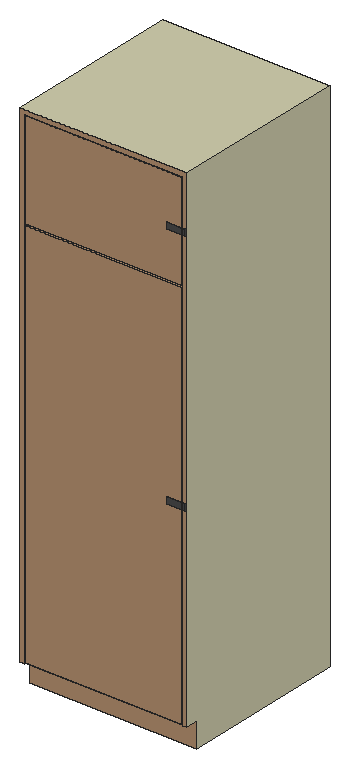
Revit family "Cabinet_Wenger_UltraStor_31", category Furniture, Revit 2015
Parameters (values of type "UltraStor Cabinet #31 - Comp Wood Doors")
  URL = "https://www.wengercorp.com/"
  Type Comments = ""
  Specification = "http://www.arcat.com/sdspecs/htm04/12_35_83wen.htm"
  Shelf Thickness = 0' - 1 1/8"
  Sales Information = "https://www.wengercorp.com/contact-us.php"
  Revision = "R1_2018-04"
  Rear Panel Thickness = 0' - 0 3/4"
  Product Data = "http://www.arcat.com/arcatcos/cos36/arc36487.html"
  Manufacturer Website = "https://www.wengercorp.com/"
  Manufacturer Phone - Toll Free = "800-4WENGER"
  Manufacturer Phone = "(507) 455-4100"
  Manufacturer Fax = "(507) 455-4258"
  Manufacturer Address = "555 Park Dr., Owatonna, MN 55060"
  Keynote = "12 35 83"
  HasDoors = yes
  Green Building-LEED = "http://www.arcat.com/green/clients/leed_data_36487.html"
  Drawn By = "Sumex Design, Inc. / Robert S. Weygant, CSI, CDT, SCIP"
  Door Width = (Cabinet Width - 0' 2 1/4") / 2  # 1' - 0 5/8"
  Door Style = Door_FullHt : Solid Door
  Door Material [instance] = Wenger Cherry (Use Cherry Edge Band Only)
  Door Height = (Cabinet Height - 0' 4 3/4") / 5  # 1' - 4.175"
  Toe Kick Material [instance] = Wenger Cherry (Use Cherry Edge Band Only)
  RH End Panel [instance] = no
  Model = "#31"
  Manufacturer = "Wenger Corporation"
  LH End Panel [instance] = no
  End Panel Material [instance] = Wenger Cherry (Use Cherry Edge Band Only)
  Edge Banding Material [instance] = Wenger Cherry (Use Cherry Edge Band Only)
  Cost = 0
  Copyright = "© 2018 Arcat Inc."
  Construction Details = "http://www.arcat.com/details/wengerco/wengerco.html?coid=36487"
  Body Material [instance] = Wenger - Oyster
  Description = "Wenger UltraStor Cabinet #31 - Comp Wood Doors"
  Cabinet Width = 2' - 3 1/2"
  Cabinet Height = 7' - 1 5/8"
  Installed Depth = 2' - 5 1/4"
  Cabinet Panel Thickness = 0' - 0 3/4"
  Assembly Code = "E2010200"
Types (4): name | HasDoors | Door Style | Door Material | Description
  UltraStor Cabinet #31 - Comp Waterfall Grille Doors | yes | Door_FullHt : Waterfall | Painted Black | "Wenger UltraStor Cabinet #31 - Comp Waterfall Grille Doors"
  UltraStor Cabinet #31 - Comp Grille Doors | yes | Door_FullHt : Bars | Painted Black | "Wenger UltraStor Cabinet #31 - Comp Grille Doors"
  UltraStor Cabinet #31 - No Doors | no | Door_FullHt : Solid Door | none | "Wenger UltraStor Cabinet #31 - No Doors"
  UltraStor Cabinet #31 - Comp Wood Doors | yes | Door_FullHt : Solid Door | Wenger Cherry (Use Cherry Edge Band Only) | "Wenger UltraStor Cabinet #31 - Comp Wood Doors"
Reference planes (in)
  plane 1 "Front": y = 0
  plane 2: z = 0
  plane 3 "Left": x = 0
  plane 4 "Right": x = 27.5
  plane 5 "Back": y = 29.25
  plane 6 "Top": z = 85.625
  plane 7: z = 4
  plane 8: z = 68.7
  plane 9: x = 0.75
  plane 10: x = 26.75
  plane 11: z = 84.875
  plane 12: x = 13.75
  plane 13: y = 28.5
  plane 14: y = 2
  plane 15: y = 0.75
  plane 16: z = 69.825
  plane 17: z = 5.125
Forms (in)
  Extrusion 1, solid, material "Wenger - Oyster" <- "Body Material"
    sketch origin (0, 0, 0) x (0, 1, 0) y (0, 0, 1)
      loop
        line (0, 85.625) -> (0, 4) -> (2, 4) -> (2, 0) -> (29.25, 0) -> (29.25, 85.625) -> (0, 85.625)
    from 0 to 27.5
  Extrusion 2, void
    sketch origin (0, 0, 0) x (0, 1, 0) y (0, 0, 1)
      loop
        line (-5.5, 84.875) -> (-5.5, 68.7) -> (0.75, 68.7)
        arc (0.75, 68.7) -> (1.18296, 69.47588) -> (2, 69.825) r 1.375
        line (2, 69.825) -> (28.5, 69.825) -> (28.5, 84.875) -> (-5.5, 84.875)
    from 0.75 to 26.75
  Extrusion 3, void
    sketch origin (0, 0, 0) x (0, 1, 0) y (0, 0, 1)
      loop
        line (0, 84.875) -> (0, 4) -> (0.0625, 4) -> (0.0625, 84.875) -> (0, 84.875)
    from 0.75 to 26.75
  Extrusion 4, void
    sketch origin (0, 0, 0) x (1, 0, 0) y (0, 0, 1)
      loop
        line (0.75, 68.7) -> (0.75, 5.125) -> (26.75, 5.125) -> (26.75, 68.7) -> (0.75, 68.7)
    from -28.5 to 0
  Extrusion 5, solid, material "Metal_Black", detail levels fine
    sketch origin (0, 0, 0) x (0, 1, 0) y (0, 0, 1)
      loop
        line (14.09046, 66.01016) -> (14.09046, 67.26016) -> (13.46546, 67.26016) -> (13.24646, 66.88084) -> (13.31074, 66.84373) -> (13.50831, 67.18594) -> (14.01624, 67.18594) -> (14.01624, 66.01016) -> (14.09046, 66.01016)
    from 0.75 to 26.75
Cuts and joins
  Extrusion 2, Extrusion 3, Extrusion 4 cuts Extrusion 1
Lines and regions (in)
  Masking region 1
    outline origin (0, 0, 0) x (1, 0, 0) y (0, 1, 0)
      loop
        line (0, 29.25) -> (0, 0) -> (27.5, 0) -> (27.5, 29.25) -> (0, 29.25)
Dimensions and locks (in)
  "Cabinet Panel Thickness": plane 3 "Left" to plane 9
  "Cabinet Panel Thickness": plane 10 to plane 4 "Right"
  "Cabinet Panel Thickness": plane 5 "Back" to plane 13
  locked: plane 1 "Front" to plane 15 at 0.75
  locked: plane 1 "Front" to plane 14 at 2
  "Shelf Thickness": plane 16 to plane 8
  "Cabinet Panel Thickness": plane 6 "Top" to plane 11
  "Shelf Thickness": plane 17 to plane 7
  "Cabinet Width": plane 3 "Left" to plane 4 "Right"
  locked: plane 7 to level at 4
  "Cabinet Height": plane 6 "Top" to level
  "Installed Depth": plane 1 "Front" to plane 5 "Back"
  plane 3 "Left" to plane 4 "Right" = 2' - 3 1/2"
  equal spacing: plane 5 "Back", nested 2, plane 1 "Front"
  plane 12 to nested 2 = 0' - 0"
  equal spacing: plane 4 "Right", plane 12, plane 3 "Left"
  "Door Height": plane 11 to plane 8
  aligned and locked: Extrusion 1 sketch curve to plane 6 "Top"
  aligned and locked: Extrusion 1 sketch curve to plane 5 "Back"
  aligned and locked: Extrusion 1 sketch curve to plane 1 "Front"
  aligned and locked: Extrusion 1 sketch curve to plane 7
  aligned and locked: Extrusion 1 sketch curve to plane 14
  aligned and locked: Extrusion 1 sketch curve to level
  aligned and locked: Extrusion 1 to plane 4 "Right"
  aligned and locked: Extrusion 1 to plane 3 "Left"
  aligned and locked: Extrusion 2 sketch curve to plane 11
  aligned and locked: Extrusion 2 sketch curve to plane 13
  aligned and locked: Extrusion 2 sketch curve to plane 8
  aligned and locked: Extrusion 2 sketch curve to plane 16
  aligned and locked: Extrusion 2 to plane 9
  aligned and locked: Extrusion 3 sketch curve to cut or joined group of Extrusion 1, Extrusion 2, Extrusion 3, Extrusion 4  (x2)
  aligned and locked: Extrusion 3 to plane 10
  aligned and locked: Extrusion 3 to plane 9
  aligned and locked: nested 3 to plane 9
  aligned and locked: nested 3 to plane 8
  aligned and locked: plane 8 to cut or joined group of Extrusion 1, Extrusion 2, Extrusion 3, Extrusion 4
  aligned and locked: nested 4 to plane 9
  aligned and locked: plane 7 to cut or joined group of Extrusion 1, Extrusion 2, Extrusion 3, Extrusion 4
  aligned and locked: nested 4 to plane 7
  aligned and locked: plane 1 "Front" to nested 5
  aligned and locked: nested 5 to level
  aligned and locked: nested 5 to plane 4 "Right"
  aligned and locked: Masking region 1 sketch curve to plane 5 "Back"
  aligned and locked: Masking region 1 sketch curve to plane 1 "Front"
  aligned and locked: plane 3 "Left" to Masking region 1 sketch curve
  aligned and locked: plane 4 "Right" to Masking region 1 sketch curve
  aligned and locked: nested 4 to plane 10
  aligned and locked: plane 13 to Extrusion 4
  aligned and locked: plane 1 "Front" to Extrusion 4
  aligned and locked: Extrusion 2 to plane 10
  aligned and locked: nested 3 to plane 10
  aligned and locked: plane 8 to nested 4
  aligned and locked: plane 8 to Extrusion 4
  aligned and locked: Extrusion 5 to plane 10
  aligned and locked: Extrusion 5 to plane 9
Automatic sketch dimensions
  plane 15 to Extrusion 3 sketch curve = 0' - 0 11/16"
  Extrusion 2 sketch curve to plane 15 = 0' - 0"
  Extrusion 2 sketch curve to plane 14 = 0' - 0"
  Extrusion 2 sketch curve to plane 14 = 0' - 0.10279"
  Extrusion 3 sketch curve to plane 11 = 0' - 0"
  plane 1 "Front" to Extrusion 2 sketch curve = 0' - 5 1/2"
  Extrusion 4 sketch curve to plane 9 = 0' - 0"
  plane 10 to Extrusion 4 sketch curve = 0' - 0"
  Extrusion 4 sketch curve to plane 17 = 0' - 0"
  plane 17 to Extrusion 4 sketch curve = 5' - 3.575"
  Extrusion 5 sketch curve to plane 8 = 0' - 1.81916"
  Extrusion 5 sketch curve to plane 14 = 0' - 11.24646"
  Extrusion 5 sketch curve to plane 8 = 0' - 1.85627"
  Extrusion 5 sketch curve to Extrusion 5 sketch curve = 0' - 0.06428"
  Extrusion 5 sketch curve to Extrusion 5 sketch curve = 0' - 0.219"
  Extrusion 5 sketch curve to Extrusion 5 sketch curve = 0' - 0.04285"
  Extrusion 5 sketch curve to Extrusion 5 sketch curve = 0' - 0.70551"
  Extrusion 5 sketch curve to Extrusion 5 sketch curve = 0' - 0 19/256"
  Extrusion 5 sketch curve to Extrusion 5 sketch curve = 0' - 0.83357"
Nested families (in)
  nested 1: "End Panel" at (0, 14.25, 0) x (0, -1, 0) z (0, 0, 1), End Panel Material <- "End Panel Material", visible <- "LH End Panel", Edge Banding Material <- "Edge Banding Material", type "End Panel"
    with End Panel Material Wenger Cherry (Use Cherry Edge Band Only), Edge Banding Material Wenger Cherry (Use Cherry Edge Band Only), End Panel Depth 2' - 5 1/4"
  nested 2: "Labels" at (13.75, 14.625, 0), type "Labels"
  nested 3: "Door_FullHt" at (13.75, 0, 68.7) x (1, 0, 0) z (0, -1, 0), type <- "Door Style", Height <- "Door Height", visible <- "HasDoors", type "Solid Door", detail levels medium+fine
    with vBars 24, Width 2' - 2", ToeKick Height 0' - 4", MidBar no, Height 1' - 4.175", HalfHt 0' - 7.8375", BarHt 1' - 3.675", 2HzBars no
  nested 4: "Door_FullHt" at (13.75, 0, 4) x (1, 0, 0) z (0, -1, 0), type <- "Door Style", visible <- "HasDoors", type "Solid Door", detail levels medium+fine
    with vBars 24, Width 2' - 2", ToeKick Height 0' - 4", MidBar no, Height 5' - 4.7", HalfHt 2' - 8.1", BarHt 5' - 4.2", 2HzBars no
  nested 5: "End Panel" at (28.25, 14.25, 0) x (0, -1, 0) z (0, 0, 1), End Panel Material <- "End Panel Material", Edge Banding Material <- "Edge Banding Material", visible <- "RH End Panel", type "End Panel"
    with End Panel Material Wenger Cherry (Use Cherry Edge Band Only), Edge Banding Material Wenger Cherry (Use Cherry Edge Band Only), End Panel Depth 2' - 5 1/4"
Definition of nested family "End Panel"
  Parameters (values of type "End Panel")
    End Panel Material [instance] = none
    End Panel Height = 7' - 1 5/8"
    End Panel Depth = 1' - 9 3/4"
    Edge Banding Material [instance] = none
    Default Elevation = 4' - 0"
    Assembly Code = ""
  Reference planes (in)
    plane 1 "Center (Front/Back)": y = 0
    plane 2: z = 0
    plane 3 "Center (Left/Right)": x = 0
    plane 4: x = -15
    plane 5: x = 6.75
    plane 6: z = 4
    plane 7: x = 4.75
    plane 8: z = 85.625
    plane 9: y = -0.75
  Forms (in)
    Extrusion 1, solid, material <- "End Panel Material"
      sketch origin (0, 0, 0) x (1, 0, 0) y (0, 0, 1)
        loop
          line (-15, 85.625) -> (-15, 0) -> (4.75, 0) -> (4.75, 4) -> (6.75, 4) -> (6.75, 85.625) -> (-15, 85.625)
      from 0 to 0.75
  Lines and regions (in)
    Masking region 1, detail levels coarse+medium
      outline origin (0, 0, 0) x (1, 0, 0) y (0, 1, 0)
        loop
          line (-15, 0) -> (-15, -0.75) -> (6.75, -0.75) -> (6.75, 0) -> (-15, 0)
  Dimensions and locks (in)
    locked: plane 7 to plane 5 at 2
    locked: plane 6 to level at 4
    "End Panel Height": plane 8 to level
    "End Panel Depth": plane 5 to plane 4
    locked: plane 9 to plane 1 "Center (Front/Back)" at 0.75
    aligned and locked: plane 4 to Extrusion 1 sketch curve
    aligned and locked: level to Extrusion 1 sketch curve
    aligned and locked: plane 7 to Extrusion 1 sketch curve
    aligned and locked: plane 6 to Extrusion 1 sketch curve
    aligned and locked: Extrusion 1 sketch curve to plane 5
    aligned and locked: Extrusion 1 sketch curve to plane 8
    aligned and locked: Extrusion 1 to plane 9
    aligned and locked: Extrusion 1 to plane 1 "Center (Front/Back)"
    aligned and locked: plane 4 to Masking region 1 sketch curve
    aligned and locked: Masking region 1 sketch curve to plane 5
    aligned and locked: plane 1 "Center (Front/Back)" to Masking region 1 sketch curve
    aligned and locked: plane 9 to Masking region 1 sketch curve
Definition of nested family "Door_FullHt"
  Parameters (values of type "Solid Door")
    vBars [instance] = (Width - 0' 2") / 0' 1"  # 6
    Width [instance] = 0' - 8"
    ToeKick Height [instance] = 0' - 4"
    Thickness = 0' - 0 3/4"
    Solid Door = yes
    Shelf Thickness = 0' - 0 3/4"
    Panel Thickness = 0' - 0 3/4"
    MidBar [instance] = and(Height > 3' 6", HasDoor, not(Solid Door))  # no
    Height [instance] = 1' - 2 5/8"
    HasDoor = yes
    HalfHt [instance] = Height / 2 - 0' 0 1/4"  # 0' - 7 1/16"
    Edge Banding = none
    DoorGap = 0' - 0 1/8"
    Door Finish = none
    Depth = 2' - 0"
    Default Elevation = 4' - 0"
    Bars = no
    BarStyle = Bars : Waterfall
    BarHt [instance] = Height - 0' 0 1/2"  # 1' - 2 1/8"
    2HzBars [instance] = and(Height > 1' 6", not(Solid Door))  # no
  Types (3): name | Thickness | Solid Door | Bars | BarStyle
    Solid Door | 0' - 0 3/4" | yes | no | Bars : Waterfall
    Bars | 0' - 0 1/4" | no | yes | Bars : Straight
    Waterfall | 0' - 0 3/4" | no | yes | Bars : Waterfall
  Reference planes (in)
    plane 1 "Center (Front/Back)": y = 0
    plane 2: z = 0
    plane 3 "Center (Left/Right)": x = 0
    plane 4: x = -4
    plane 5: y = 14.625
    plane 6: x = 4
    plane 7: z = -0.75
    plane 8: x = -3.875
    plane 9: x = 3.875
    plane 10: y = 0.125
    plane 11: y = 14.5
    plane 12: y = -0.75
    plane 13 "CL Elev": y = 7.3125
    plane 14: x = -3.75
    plane 15: x = 3.75
    plane 16 "BtmRail": y = 0.25
    plane 17: y = 14.375
    plane 18: z = -0.125
    plane 19: x = -2.75
    plane 20: x = 2.75
    plane 21: y = 10.96875
    plane 22: y = 3.65625
  Forms (in)
    Extrusion 1, solid, material <- "Door Finish", visible <- "Solid Door", detail levels medium+fine
      sketch origin (0, 0, 0) x (1, 0, 0) y (0, 1, 0)
        loop
          arc (-3.75, 14.5) -> (-3.83839, 14.46339) -> (-3.875, 14.375) r 0.125
          line (-3.875, 14.375) -> (-3.875, 0.25)
          arc (-3.875, 0.25) -> (-3.83839, 0.16161) -> (-3.75, 0.125) r 0.125
          line (-3.75, 0.125) -> (3.75, 0.125)
          arc (3.75, 0.125) -> (3.83839, 0.16161) -> (3.875, 0.25) r 0.125
          line (3.875, 0.25) -> (3.875, 14.375)
          arc (3.875, 14.375) -> (3.83839, 14.46339) -> (3.75, 14.5) r 0.125
          line (3.75, 14.5) -> (-3.75, 14.5)
      from 0 to -0.75
    Sweep 2, solid, material <- "Door Finish", visible <- "Bars", detail levels medium+fine
      path origin (0, 0, 0) x (1, 0, 0) y (0, 1, 0)
        loop
          arc (-3.125, 14.5) -> (-3.65533, 14.28033) -> (-3.875, 13.75) r 0.75
          line (-3.875, 13.75) -> (-3.875, 0.875)
          arc (-3.875, 0.875) -> (-3.65533, 0.34467) -> (-3.125, 0.125) r 0.75
          line (-3.125, 0.125) -> (3.125, 0.125)
          arc (3.125, 0.125) -> (3.65533, 0.34467) -> (3.875, 0.875) r 0.75
          line (3.875, 0.875) -> (3.875, 13.75)
          arc (3.875, 13.75) -> (3.65533, 14.28033) -> (3.125, 14.5) r 0.75
          line (3.125, 14.5) -> (-3.125, 14.5)
      profile origin (0, 14.5, 0) x (0, 1, 0) y (0, 0, 1)
        loop
          circle (-0.125, -0.125) r 0.125
    Extrusion 3, solid, material <- "Door Finish", visible <- "MidBar", detail levels medium+fine
      sketch origin (0, 0, 0) x (0, 1, 0) y (0, 0, 1)
        loop
          circle (7.3125, -0.125) r 0.125
      from -3.75 to 3.75
    Extrusion 4, solid, visible <- "HasDoor", detail levels fine
      sketch origin (0, 0, 0) x (1, 0, 0) y (0, 1, 0)
        loop
          line (1.5, 7.8125) -> (1.5, 6.8125) -> (4.5, 6.8125) -> (4.5, 7.8125) -> (1.5, 7.8125)
      from 0 to 0.125
    Extrusion 5, solid, material <- "Door Finish", visible <- "2HzBars", detail levels medium+fine
      sketch origin (0, 0, 0) x (0, 1, 0) y (0, 0, 1)
        loop
          circle (10.96875, -0.125) r 0.125
        loop
          circle (3.65625, -0.125) r 0.125
      from -3.75 to 3.75
  Lines and regions (in)
    symbolic lines, visible <- "HasDoor", detail levels medium+fine
      curve 1: line (4, 0.25, 0) -> (-4, 0.25, 0)
      curve 2: line (-4, 0.25, 0) -> (-4, 0.25, 8)
      curve 3: arc (4, 0.25, 0) -> (1.65685, 0.25, 5.65685) -> (-4, 0.25, 8) r 8
    symbolic lines, visible <- "HasDoor"
      curve 4: line (3.875, 0.25, 0) -> (3.875, 0.25, -0.75)
      curve 5: line (3.875, 0.25, -0.75) -> (-3.875, 0.25, -0.75)
      curve 6: line (-3.875, 0.25, -0.75) -> (-3.875, 0.25, 0)
    symbolic lines, detail levels medium
      curve 7: line (3.875, 14.5, 0) -> (-3.875, 7.3125, 0)
      curve 8: line (-3.875, 7.3125, 0) -> (3.875, 0.125, 0)
  Dimensions and locks (in)
    "Height": plane 1 "Center (Front/Back)" to plane 5
    "Thickness": level to plane 7
    equal spacing: plane 4, plane 3 "Center (Left/Right)", plane 6
    "Width": plane 4 to plane 6
    "DoorGap": plane 5 to plane 11
    "DoorGap": plane 9 to plane 6
    "DoorGap": plane 4 to plane 8
    "DoorGap": plane 1 "Center (Front/Back)" to plane 10
    "Shelf Thickness": plane 1 "Center (Front/Back)" to plane 12
    equal spacing: plane 1 "Center (Front/Back)", plane 22, plane 13 "CL Elev", plane 21, plane 5
    locked: plane 15 to plane 9 at 0.125
    locked: plane 8 to plane 14 at 0.125
    locked: plane 11 to plane 17 at 0.125
    locked: plane 16 "BtmRail" to plane 10 at 0.125
    locked: level to plane 18 at 0.125
    plane 19 to plane 14 = 0' - 1"
    locked: plane 15 to plane 20 at 1
    Extrusion 4 sketch curve to plane 13 "CL Elev" to Extrusion 4 sketch curve = 0' - 0 1/2" locked, 0' - 0 1/2" locked
    locked: plane 6 to Extrusion 4 sketch curve at 0.5
    locked: Extrusion 4 sketch curve to plane 6 at 2.5
    locked: Extrusion 4 to level at 0.125
    equal spacing: group 1, group 3, group 4, group 5, group 6, group 2  (x3)
    equal spacing: group 7, group 9, group 10, group 11, group 12, group 8  (x2)
    equal spacing: group 8, group 12, group 11, group 10, group 9, group 7
    "Width": radius of curve 3
    aligned and locked: plane 2 to level
    aligned and locked: Extrusion 1 sketch curve to plane 11
    aligned and locked: plane 8 to Extrusion 1 sketch curve
    aligned and locked: Extrusion 1 sketch curve to plane 9
    aligned and locked: plane 10 to Extrusion 1 sketch curve
    aligned and locked: Extrusion 1 to plane 7
    aligned and locked: level to Extrusion 1
    aligned and locked: Sweep 2 sketch curve to plane 11
    aligned and locked: plane 8 to Sweep 2 sketch curve
    aligned and locked: plane 10 to Sweep 2 sketch curve
    aligned and locked: Sweep 2 sketch curve to plane 9
    aligned and locked: plane 15 to Extrusion 3
    aligned and locked: Extrusion 3 to plane 14
    aligned and locked: plane 20 to nested 2
    aligned and locked: plane 19 to nested 1
    aligned and locked: plane 21 to Extrusion 5 sketch curve
    aligned and locked: plane 18 to Extrusion 5 sketch curve  (x2)
    aligned and locked: plane 22 to Extrusion 5 sketch curve
    aligned and locked: Extrusion 5 to Extrusion 3  (x2)
    aligned and locked: plane 4 to curve 3  (x2)
    aligned and locked: level to curve 3
    aligned and locked: plane 7 to curve 5
    aligned and locked: Extrusion 1 to plane 8
    aligned and locked: plane 9 to Extrusion 1
    aligned and locked: plane 10 to curve 8
    aligned and locked: plane 9 to curve 8
    aligned and locked: plane 13 "CL Elev" to curve 8
    aligned and locked: plane 11 to curve 7
    aligned and locked: plane 9 to curve 7
    aligned and locked: plane 19 to nested 7
    aligned and locked: plane 13 "CL Elev" to nested 7
    aligned and locked: plane 20 to nested 8
    aligned and locked: plane 13 "CL Elev" to nested 8
    aligned and locked: plane 18 to nested 7
    aligned and locked: plane 18 to nested 9
  Automatic sketch dimensions
    plane 8 to Sweep 2 sketch curve = 0' - 0 3/4"  (x2)
    Sweep 2 sketch curve to plane 9 = 0' - 0 3/4"
    Sweep 2 sketch curve to Sweep 2 sketch curve = 0' - 0 3/4"
    Sweep 2 sketch curve to level = 0' - 0 1/8"
    profile plane to Sweep 2 sketch curve = 0' - 0 1/8"
    Extrusion 3 sketch curve to level = 0' - 0 1/8"
    Extrusion 3 sketch curve to plane 13 "CL Elev" = 0' - 0"
    curve 8 to plane 8 = 0' - 0"
    Extrusion 1 sketch curve to plane 14 = 0' - 0"  (x2)
    Extrusion 1 sketch curve to plane 15 = 0' - 0"  (x2)
    curve 5 to plane 9 = 0' - 0"
    curve 6 to plane 8 = 0' - 0"
    radius of Sweep 2 sketch curve = 0' - 0 1/8"
    radius of Extrusion 3 sketch curve = 0' - 0 1/8"
    radius of Extrusion 5 sketch curve = 0' - 0 1/8"  (x2)
  Nested families (in)
    nested 1: "Bars" at (-2.75, 0.25, -0.125) x (1, 0, 0) z (0, 1, 0), type <- "BarStyle", visible <- "Bars", type "Waterfall", detail levels fine
    nested 2: "Bars" at (2.75, 0.25, -0.125) x (1, 0, 0) z (0, 1, 0), type <- "BarStyle", visible <- "Bars", type "Waterfall", detail levels fine
    nested 3: "Bars" at (-1.65, 0.25, -0.125) x (1, 0, 0) z (0, 1, 0), type <- "BarStyle", visible <- "Bars", type "Waterfall", detail levels fine
    nested 4: "Bars" at (-0.55, 0.25, -0.125) x (1, 0, 0) z (0, 1, 0), type <- "BarStyle", visible <- "Bars", type "Waterfall", detail levels fine
    nested 5: "Bars" at (0.55, 0.25, -0.125) x (1, 0, 0) z (0, 1, 0), type <- "BarStyle", visible <- "Bars", type "Waterfall", detail levels fine
    nested 6: "Bars" at (1.65, 0.25, -0.125) x (1, 0, 0) z (0, 1, 0), type <- "BarStyle", visible <- "Bars", type "Waterfall", detail levels fine
    nested 7: "Bars" at (-2.75, 7.3125, -0.125) x (1, 0, 0) z (0, 1, 0), type <- "BarStyle", visible <- "Bars", type "Waterfall"
    nested 8: "Bars" at (2.75, 7.3125, -0.125) x (1, 0, 0) z (0, 1, 0), type <- "BarStyle", visible <- "Bars", type "Waterfall"
    nested 9: "Bars" at (-1.65, 7.3125, -0.125) x (1, 0, 0) z (0, 1, 0), type <- "BarStyle", visible <- "Bars", type "Waterfall"
    nested 10: "Bars" at (-0.55, 7.3125, -0.125) x (1, 0, 0) z (0, 1, 0), type <- "BarStyle", visible <- "Bars", type "Waterfall"
    nested 11: "Bars" at (0.55, 7.3125, -0.125) x (1, 0, 0) z (0, 1, 0), type <- "BarStyle", visible <- "Bars", type "Waterfall"
    nested 12: "Bars" at (1.65, 7.3125, -0.125) x (1, 0, 0) z (0, 1, 0), type <- "BarStyle", visible <- "Bars", type "Waterfall"
  Definition of nested family "Bars"
    Parameters (values of type "Straight")
      WaterFall = no
      Straight = yes
      Lateral Deviation = 0' - 1"
      Height = 0' - 7 1/16"
      Default Elevation = 4' - 0"
      Bars = none
    Types (2): name | WaterFall | Straight
      Waterfall | yes | no
      Straight | no | yes
    Reference planes (in)
      plane 1 "Center (Front/Back)": y = 0
      plane 2: z = 0
      plane 3 "Center (Left/Right)": x = 0
      plane 4: z = 7.0625
      plane 5: z = 3.53125
      plane 6: x = 0.5
      plane 7: x = -0.5
      plane 8: z = 5.29687
      plane 9: z = 1.76562
    Forms (in)
      Sweep 1, solid, material <- "Bars", visible <- "WaterFall", detail levels fine
        path origin (0, 0, 0) x (1, 0, 0) y (0, 0, 1)
          loop
            arc (0, 0) -> (0.37259, 0.8481) -> (0.5, 1.76563) r 3.36743
            arc (0.5, 1.76563) -> (0.37259, 2.68315) -> (0, 3.53125) r 3.36743
        profile origin (0.37259, 0, 0.8481) x (-0.962164, 0, 0.272471) y (0, -1, 0)
          loop
            circle (0, 0) r 0.0625
      Sweep 2, solid, material <- "Bars", visible <- "WaterFall", detail levels fine
        path origin (0, 0, 14.625) x (-1, 0, 0) y (0, 0, -1)
          loop
            arc (0, 7.5625) -> (0.37259, 8.4106) -> (0.5, 9.32812) r 3.36743
            arc (0.5, 9.32812) -> (0.37259, 10.24565) -> (0, 11.09375) r 3.36743
        profile origin (-0.37259, 0, 6.2144) x (0.962164, 0, -0.272471) y (0, -1, 0)
          loop
            circle (0, 0) r 0.0625
      Extrusion 3, solid, material <- "Bars", visible <- "Straight", detail levels fine
        sketch origin (0, 0, 0) x (1, 0, 0) y (0, 1, 0)
          loop
            circle (0, 0) r 0.0625
        from 0 to 7.0625
    Dimensions and locks (in)
      "Height": plane 4 to level
      equal spacing: plane 6, plane 3 "Center (Left/Right)", plane 7
      "Lateral Deviation": plane 6 to plane 7
      equal spacing: plane 4, plane 8, plane 5, plane 9, level
      aligned and locked: plane 2 to level
      aligned and locked: plane 3 "Center (Left/Right)" to Sweep 1 sketch curve  (x2)
      aligned and locked: level to Sweep 1 sketch curve
      aligned and locked: plane 6 to Sweep 1 sketch curve
      aligned and locked: plane 9 to Sweep 1 sketch curve
      aligned and locked: plane 4 to Sweep 2 sketch curve
      aligned and locked: plane 3 "Center (Left/Right)" to Sweep 2 sketch curve  (x2)
      aligned and locked: plane 8 to Sweep 2 sketch curve
      aligned and locked: plane 7 to Sweep 2 sketch curve
      aligned and locked: plane 5 to Sweep 2 sketch curve
      aligned and locked: plane 4 to Extrusion 3
      aligned and locked: Extrusion 3 to level
    Automatic sketch dimensions
      plane 1 "Center (Front/Back)" to Sweep 1 sketch curve = 0' - 0"
      Sweep 1 sketch curve to profile plane = 0' - 0"
      Sweep 1 sketch curve to Sweep 1 sketch curve = 0' - 0"
      Sweep 2 sketch curve to plane 1 "Center (Front/Back)" = 0' - 0"
      Sweep 2 sketch curve to profile plane = 0' - 0"
      plane 1 "Center (Front/Back)" to Extrusion 3 sketch curve = 0' - 0"
      Extrusion 3 sketch curve to plane 3 "Center (Left/Right)" = 0' - 0"
      radius of Sweep 1 sketch curve = 0' - 0 1/16"
      radius of Sweep 2 sketch curve = 0' - 0 1/16"
      radius of Extrusion 3 sketch curve = 0' - 0 1/16"
Definition of nested family "Labels"
  Parameters
    Cabinet Label = "01"
  Reference planes (in)
    plane 1: y = 0
    plane 2: x = 0
  Text (in)
    label "xxxx" at (-0.00018, 0.00754, 0), shows "Cabinet Label"
